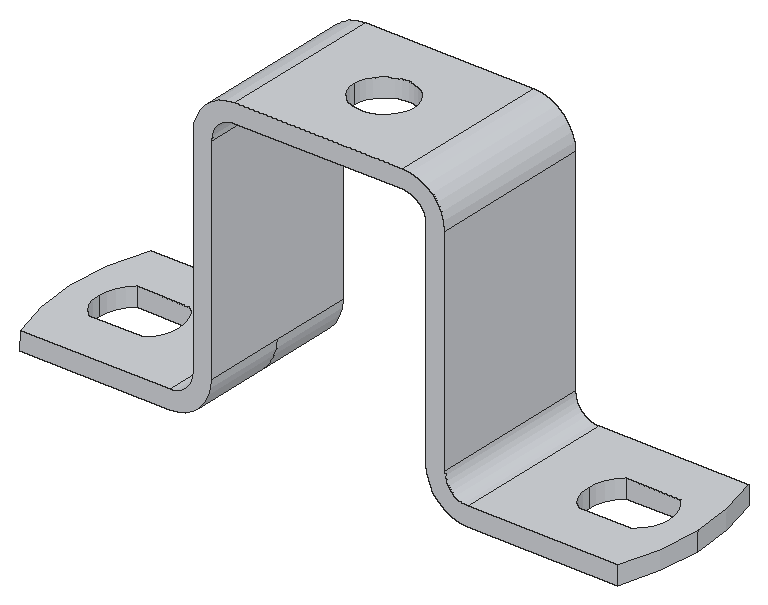
Revit family "Hutprofil", category HLS-Bauteile, Revit 2017
Family settings
  Bemaßung runder Anschluss = Durchmesser verwenden
  Teiletyp = Normal
  Arbeitsebenenbasiert = Ja
  Immer vertikal = Nein
  Beim Laden mit Abzugskörper schneiden = Nein
  Gemeinsam genutzt = Ja
  Raumberechnungspunkt = Nein
Parameters (values of type "Hutprofil  60")
  vpe = "25 St"
  max. zul. Last = 3.50 kN
  Default Elevation = 1219.2 mm
  Stärke Material = 4 mm
  Regelhalter [instance] = ""
  Profiltyp = "45/60"
  Oberflaeche = "galvanisch verzinkt"
  Mengeneinheit = "St"
  Materialname = "S235"
  Material = "Stahl"
  Länge Innen = "46 mm"
  Länge = 134.5 mm
  Lochdurchmesser = ""
  Lochabstand = "105 mm"
  Langloch = "13 x 17,5 mm"
  Kurztext2 = "Höhe 60 mm Langloch 13 x 17,5 mm"
  Kurztext1 = "Hutprofil C-Profil 45/60"
  Höhe = "60 mm"
  H = 60 mm
  Gewicht pro Bauteil = Gewicht  # 0.253 kg
  Gewicht = 0.253 kg
  Firma = "MEFA Befestigungs- und Montagesysteme GmbH"
  Fabrikat = "MEFA"
  Breite Material = "35 mm"
  Artikelnummer = "0816253"
  Anschlusslochung = "13 mm"
Types (9, lengths in mm): name | vpe | Profiltyp | Länge Innen | Kurztext2 | Kurztext1 | Höhe | H | Gewicht pro Bauteil | Gewicht | Artikelnummer
  (no name) | "25 St" | "45/60" | "46 mm" | "Höhe 60 mm Langloch 13 x 17,5 mm" | "Hutprofil C-Profil 45/60" | "60 mm" | 60 | 0.253 kg | 0.253 kg | "0816253"
  Hutprofil  26 | "25 St" | "45/26" | "46 mm" | "Höhe 26 mm Langloch 13 x 17,5 mm" | "Hutprofil C-Profil 45/26" | "26 mm" | 26 | 0.176 kg | 0.176 kg | "08162326"
  Hutprofil  45 | "25 St" | "45/45" | "46 mm" | "Höhe 45 mm Langloch 13 x 17,5 mm" | "Hutprofil C-Profil 45/45" | "45 mm" | 45 | 0.218 kg | 0.218 kg | "08162445"
  Hutprofil  52 | "25 St" | "45/52" | "46 mm" | "Höhe 52 mm Langloch 13 x 17,5 mm" | "Hutprofil Doppel-C-Profil 45/52" | "52 mm" | 52 | 0.235 kg | 0.235 kg | "08162452"
  Hutprofil  60 | "25 St" | "45/60" | "46 mm" | "Höhe 60 mm Langloch 13 x 17,5 mm" | "Hutprofil C-Profil 45/60" | "60 mm" | 60 | 0.253 kg | 0.253 kg | "0816253"
  Hutprofil  75 | "25 St" | "45/75" | "61 mm" | "Höhe 75 mm Langloch 13 x 17,5 mm" | "Hutprofil C-Profil 45/75" | "75 mm" | 75 | 0.286 kg | 0.286 kg | "08162875"
  Hutprofil  90 | "25 St" | "45/90" | "46 mm" | "Höhe 90 mm Langloch 13 x 17,5 mm" | "Hutprofil Doppel-C-Profil 45/90" | "90 mm" | 90 | 0.32 kg | 0.32 kg | "08162690"
  Hutprofil 120 | "25 St" | "45/120" | "46 mm" | "Höhe 120 mm Langloch 13 x 17,5 mm" | "Hutprofil Doppel-C-Profil 45/120" | "120 mm" | 120 | 0.387 kg | 0.387 kg | "0816274"
  Hutprofil 150 | "1 St" | "45/150" | "46 mm" | "Höhe 150 mm Langloch 13 x 17,5 mm" | "Hutprofil Doppel-C-Profil 45/150" | "150 mm" | 150 | 0.454 kg | 0.454 kg | "081628150"
Reference planes
  plane 1 "Mitte (Vorne/hinten)": y = 0
  plane 2: z = 0
  plane 3 "Mitte (Links/rechts)": x = 0
  plane 4: x = 67.3
  plane 5: x = -67.3
  plane 6: x = 23
  plane 7: x = -23
  plane 8: z = 60
  plane 9: x = -17.3
  plane 10: x = -52.55
  plane 11: x = 52.55
  plane 12: y = 6.5
Forms (mm)
  Sweep 1, solid
    path origin (0, 0, 0) x (1, 0, 0) y (0, 0, 1)
      loop
        line (77.3, 0) -> (67.3, 0) -> (32, 0)
        arc (32, 0) -> (25.636, 2.636) -> (23, 9) r 9
        line (23, 9) -> (23, 55)
        arc (23, 55) -> (21.536, 58.536) -> (18, 60) r 5
        line (18, 60) -> (-18, 60)
        arc (-18, 60) -> (-21.536, 58.536) -> (-23, 55) r 5
        line (-23, 55) -> (-23, 9)
        arc (-23, 9) -> (-25.636, 2.636) -> (-32, 0) r 9
        line (-32, 0) -> (-67.3, 0) -> (-77.3, 0)
    profile origin (49.65, 0, 0) x (0, 0, -1) y (0, -1, 0)
      loop
        line (0, 0) -> (0, 17.5) -> (-4, 17.5) -> (-4, -17.5) -> (0, -17.5) -> (0, 0)
  Extrusion 2, void
    sketch origin (0, 0, 0) x (1, 0, 0) y (0, 1, 0)
      loop
        arc (-67.3, 0) -> (-66.503, 8.892) -> (-64.137, 17.5) r 50
        line (-64.137, 17.5) -> (-77.3, 17.5) -> (-77.3, -17.5) -> (-64.137, -17.5)
        arc (-64.137, -17.5) -> (-66.503, -8.892) -> (-67.3, 0) r 50
      loop
        arc (67.3, 0) -> (66.503, -8.892) -> (64.137, -17.5) r 50
        line (64.137, -17.5) -> (77.3, -17.5) -> (77.3, 17.5) -> (64.137, 17.5)
        arc (64.137, 17.5) -> (66.503, 8.892) -> (67.3, 0) r 50
    from 0 to 4
  Extrusion 3, void
    sketch origin (0, 0, 0) x (1, 0, 0) y (0, 1, 0)
      loop
        circle (0, 0) r 6.5
    from 0 to 250
  Extrusion 4, void
    sketch origin (0, 0, 0) x (1, 0, 0) y (0, 1, 0)
      loop
        arc (-61.3, 0) -> (-60.544, -3.557) -> (-58.408, -6.5) r 8.75
        line (-58.408, -6.5) -> (-46.692, -6.5)
        arc (-46.692, -6.5) -> (-44.556, -3.557) -> (-43.8, 0) r 8.75
        arc (-43.8, 0) -> (-44.556, 3.557) -> (-46.692, 6.5) r 8.75
        line (-46.692, 6.5) -> (-58.408, 6.5)
        arc (-58.408, 6.5) -> (-60.544, 3.557) -> (-61.3, 0) r 8.75
      loop
        arc (61.3, 0) -> (60.544, 3.557) -> (58.408, 6.5) r 8.75
        line (58.408, 6.5) -> (46.692, 6.5)
        arc (46.692, 6.5) -> (44.556, 3.557) -> (43.8, 0) r 8.75
        arc (43.8, 0) -> (44.556, -3.557) -> (46.692, -6.5) r 8.75
        line (46.692, -6.5) -> (58.408, -6.5)
        arc (58.408, -6.5) -> (60.544, -3.557) -> (61.3, 0) r 8.75
    from 0 to 4
Cuts and joins
  Extrusion 2, Extrusion 3, Extrusion 4 cuts Sweep 1
Lines and regions (mm)
  model lines, not visible
    curve 1: line (52.55, 0, 58.037) -> (52.55, 0, -40)
    curve 2: line (-52.55, 0, 58.037) -> (-52.55, 0, -40)
    curve 3: line (0, 0, 101.327) -> (0, 0, 11.327)
    curve 4: line (-52.55, 12.895, 0) -> (-52.55, -13.152, 0)
    curve 5: line (52.55, 12.895, 0) -> (52.55, -13.152, 0)
    curve 6: line (-62.004, 0, 0) -> (-42.004, 0, 0)
    curve 7: line (41.918, 0, 0) -> (61.918, 0, 0)
Dimensions and locks
  "H": level to plane 8
  equal spacing: plane 7, plane 3 "Mitte (Links/rechts)", plane 6, locked at 23 each
  locked: plane 7 to plane 6 at 46
  equal spacing: plane 5, plane 3 "Mitte (Links/rechts)", plane 4, locked at 67.3 each
  locked: plane 5 to plane 4 at 134.6
  Sweep 1 sketch curve to Sweep 1 sketch curve = 35 mm
  Sweep 1 sketch curve to Sweep 1 sketch curve = 4 mm
  diameter of Extrusion 3 sketch curve = 13 mm
  aligned and locked: level to plane 2
  aligned and locked: Sweep 1 sketch curve to level  (x2)
  aligned and locked: plane 6 to Sweep 1 sketch curve
  aligned and locked: Sweep 1 sketch curve to plane 7
  aligned and locked: Sweep 1 sketch curve to plane 8
  aligned and locked: curve 1 to plane 11
  aligned and locked: plane 10 to curve 2
  aligned and locked: plane 3 "Mitte (Links/rechts)" to curve 3
  aligned and locked: curve 2 to plane 1 "Mitte (Vorne/hinten)"
  aligned and locked: curve 3 to plane 1 "Mitte (Vorne/hinten)"
  aligned and locked: curve 1 to plane 1 "Mitte (Vorne/hinten)"
  aligned and locked: plane 1 "Mitte (Vorne/hinten)" to curve 6
  aligned and locked: curve 4 to plane 10
  aligned and locked: plane 11 to curve 5
  aligned and locked: plane 1 "Mitte (Vorne/hinten)" to curve 7
Automatic sketch dimensions
  Sweep 1 sketch curve to plane 1 "Mitte (Vorne/hinten)" = 0 mm
  Sweep 1 sketch curve to profile plane = 0 mm
  plane 1 "Mitte (Vorne/hinten)" to Sweep 1 sketch curve = 17.5 mm
  Sweep 1 sketch curve to plane 5 = 0 mm
  plane 4 to Sweep 1 sketch curve = 0 mm
  Sweep 1 sketch curve to Sweep 1 sketch curve = 9 mm  (x2)
  Sweep 1 sketch curve to plane 9 = 0.7 mm
  plane 6 to Sweep 1 sketch curve = 5 mm
  Sweep 1 sketch curve to Sweep 1 sketch curve = 10 mm  (x2)
  Extrusion 2 sketch curve to Extrusion 2 sketch curve = 0 mm  (x4)
  plane 1 "Mitte (Vorne/hinten)" to Extrusion 2 sketch curve = 0 mm  (x2)
  Extrusion 2 sketch curve to plane 5 = 0 mm
  Extrusion 2 sketch curve to plane 9 = 0 mm
  Extrusion 2 sketch curve to plane 4 = 0 mm
  Extrusion 2 sketch curve to plane 5 = 10 mm
  plane 5 to Extrusion 2 sketch curve = 3.163 mm  (x2)
  plane 6 to Extrusion 2 sketch curve = 5.7 mm
  plane 4 to Extrusion 2 sketch curve = 3.163 mm  (x2)
  Extrusion 2 sketch curve to plane 4 = 10 mm
  plane 1 "Mitte (Vorne/hinten)" to Extrusion 3 sketch curve = 0 mm
  Extrusion 3 sketch curve to plane 3 "Mitte (Links/rechts)" = 0 mm
  Extrusion 4 sketch curve to Extrusion 4 sketch curve = 0 mm  (x24)
  plane 1 "Mitte (Vorne/hinten)" to Extrusion 4 sketch curve = 0 mm  (x2)
  Extrusion 4 sketch curve to plane 12 = 0 mm  (x2)
  Extrusion 4 sketch curve to plane 10 = 0 mm
  Extrusion 4 sketch curve to plane 11 = 0 mm
  Extrusion 4 sketch curve to plane 10 = 5.858 mm  (x2)
  plane 10 to Extrusion 4 sketch curve = 5.858 mm
  plane 11 to Extrusion 4 sketch curve = 5.858 mm  (x2)
  Extrusion 4 sketch curve to plane 11 = 5.858 mm
  plane 5 to curve 6 = 5.296 mm
  curve 4 to curve 6 = 10.546 mm
  plane 11 to curve 7 = 10.632 mm
  plane 4 to curve 7 = 5.382 mm
  plane 1 "Mitte (Vorne/hinten)" to curve 5 = 13.152 mm
  curve 4 to curve 6 = 13.152 mm
  plane 12 to curve 5 = 6.395 mm
  plane 12 to curve 4 = 6.395 mm
  curve 1 to level = 40 mm
  curve 2 to level = 40 mm
  level to curve 3 = 11.327 mm
  level to curve 2 = 58.037 mm
  level to curve 1 = 58.037 mm
  plane 8 to curve 3 = 41.327 mm
